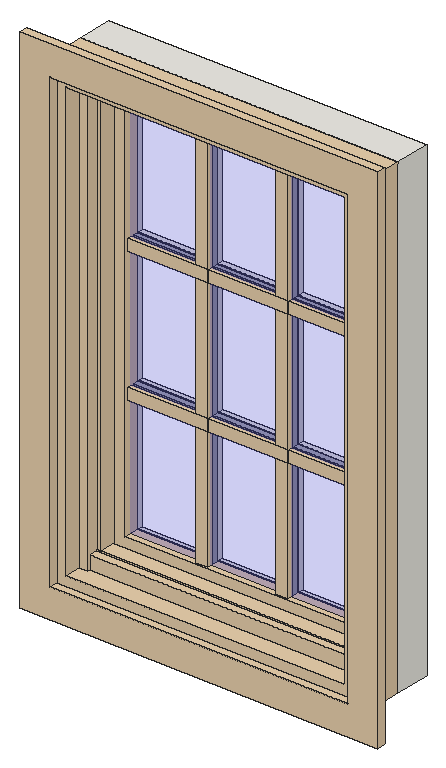
Revit family "Window-Venting_Transom-Andersen-A_Series 2", category Windows, host Wall, Revit 2013 (continued)
Dimensions and locks (in)
  aligned and locked: plane 11 "L Xjamb 1" to Extrusion 3 sketch curve
  aligned and locked: plane 13 "L Xjamb 2" to Extrusion 3 sketch curve
  aligned and locked: Extrusion 3 sketch curve to plane 56 "B Xjamb 1"
  aligned and locked: Extrusion 3 sketch curve to plane 41 "B Xjamb 2"
  aligned and locked: plane 31 "T Xjamb 1" to Extrusion 4 sketch curve
  aligned and locked: plane 38 "T Int Casing" to Extrusion 4 sketch curve
  aligned and locked: Extrusion 4 sketch curve to plane 21 "R Xjamb 1"
  aligned and locked: Extrusion 4 sketch curve to plane 28 "R Int Casing"
  aligned and locked: plane 11 "L Xjamb 1" to Extrusion 4 sketch curve
  aligned and locked: plane 45 "L Int Casing" to Extrusion 4 sketch curve
  aligned and locked: Extrusion 4 sketch curve to plane 56 "B Xjamb 1"
  aligned and locked: Extrusion 4 sketch curve to plane 44 "B Int Casing"
  aligned and locked: Extrusion 4 to host wall
  aligned and locked: Extrusion 4 to plane 58 "Interior Casing"
  aligned and locked: plane 43 "B Casing 2" to Extrusion 5 sketch curve
  aligned and locked: plane 43 "B Casing 2" to Sweep 6 sketch curve  (x2)
  aligned and locked: plane 17 "L Casing 4" to Sweep 6 sketch curve  (x2)
  aligned and locked: Sweep 6 sketch curve to plane 27 "R Casing 4"
  aligned and locked: plane 37 "T Casing 4" to Sweep 6 sketch curve
  aligned and locked: plane 16 "L Casing 3" to Sweep 6 sketch curve
  aligned and locked: plane 47 "Casing S2" to Sweep 6 sketch curve
  aligned and locked: Sweep 6 sketch curve to plane 46 "Casing S1"
  aligned and locked: plane 49 "Flange" to Sweep 6 sketch curve
  aligned and locked: Sweep 6 sketch curve to plane 12 "L Casing 1"
  aligned and locked: Sweep 6 sketch curve to plane 47 "Casing S2"
  aligned and locked: plane 15 "L Casing 2" to Sweep 6 sketch curve
  aligned and locked: Extrusion 5 to plane 17 "L Casing 4"
  aligned and locked: plane 27 "R Casing 4" to Extrusion 5
  aligned and locked: plane 32 "T Casing 1" to Extrusion 7 sketch curve
  aligned and locked: plane 37 "T Casing 4" to Extrusion 7 sketch curve
  aligned and locked: plane 12 "L Casing 1" to Extrusion 7 sketch curve
  aligned and locked: plane 17 "L Casing 4" to Extrusion 7 sketch curve
  aligned and locked: Extrusion 7 sketch curve to plane 22 "R Casing 1"
  aligned and locked: Extrusion 7 sketch curve to plane 27 "R Casing 4"
  aligned and locked: Extrusion 7 sketch curve to plane 43 "B Casing 2"
  aligned and locked: plane 46 "Casing S1" to Extrusion 7
  aligned and locked: plane 49 "Flange" to Extrusion 7
  aligned and locked: plane 8 "L Glazing" to Extrusion 8 sketch curve
  aligned and locked: Extrusion 8 sketch curve to plane 18 "R Glazing"
  aligned and locked: plane 29 "T Glazing" to Extrusion 8 sketch curve
  aligned and locked: plane 50 "Glass1 S1" to Extrusion 8
  aligned and locked: Extrusion 8 to plane 54 "Sash1 S2"
  aligned and locked: Extrusion 9 sketch curve to plane 8 "L Glazing"
  aligned and locked: Extrusion 9 sketch curve to plane 29 "T Glazing"
  aligned and locked: plane 18 "R Glazing" to Extrusion 9 sketch curve
  aligned and locked: Extrusion 9 to plane 50 "Glass1 S1"
  aligned and locked: plane 29 "T Glazing" to Extrusion 10 sketch curve
  aligned and locked: plane 8 "L Glazing" to Extrusion 10 sketch curve
  aligned and locked: Extrusion 10 sketch curve to plane 18 "R Glazing"
  aligned and locked: plane 50 "Glass1 S1" to Extrusion 10
  aligned and locked: Extrusion 10 to plane 53 "Glass1 S4"
  aligned and locked: nested 1 to plane 29 "T Glazing"
  aligned and locked: nested 1 to plane 3 "Center (Left/Right)"
  aligned and locked: plane 8 "L Glazing" to nested 2
  aligned and locked: nested 3 to plane 29 "T Glazing"
  aligned and locked: plane 8 "L Glazing" to nested 4
  aligned and locked: nested 5 to plane 29 "T Glazing"
  aligned and locked: plane 8 "L Glazing" to nested 6
  aligned and locked: plane 8 "L Glazing" to nested 7
  aligned and locked: Extrusion 5 sketch curve to plane 49 "Flange"
  aligned and locked: host wall to Masking region 11 sketch curve
  aligned and locked: plane 4 "R Frame" to Masking region 11 sketch curve
  aligned and locked: Masking region 11 sketch curve to plane 5 "L Frame"
  aligned and locked: plane 57 "Exterior Offset" to Masking region 11 sketch curve
  aligned and locked: plane 27 "R Casing 4" to Masking region 11 sketch curve
  aligned and locked: Masking region 11 sketch curve to plane 17 "L Casing 4"
  aligned and locked: plane 39 "B Glazing" to Extrusion 8 sketch curve
  aligned and locked: curve 11 to plane 66 "Sash1 S1"
  aligned and locked: plane 66 "Sash1 S1" to curve 15
  aligned and locked: plane 66 "Sash1 S1" to Extrusion 9
  aligned and locked: host wall to curve 19
  aligned and locked: plane 7 "T Frame" to Extrusion 11 sketch curve
  aligned and locked: Extrusion 11 sketch curve to plane 4 "R Frame"
  aligned and locked: Extrusion 11 sketch curve to plane 6 "B Frame"
  aligned and locked: plane 5 "L Frame" to Extrusion 11 sketch curve
  aligned and locked: plane 30 "T Ext Frame" to Extrusion 11 sketch curve
  aligned and locked: Extrusion 11 sketch curve to plane 19 "R Ext Frame"
  aligned and locked: plane 9 "L Ext Frame" to Extrusion 11 sketch curve
  aligned and locked: Extrusion 11 sketch curve to plane 40 "B Ext Frame"
  aligned and locked: plane 48 "Frame S1" to Extrusion 11
  aligned and locked: Extrusion 10 sketch curve to plane 39 "B Glazing"
  aligned and locked: plane 39 "B Glazing" to curve 28
  aligned and locked: plane 39 "B Glazing" to curve 27
  aligned and locked: plane 39 "B Glazing" to curve 29
  aligned and locked: plane 39 "B Glazing" to curve 26
  aligned and locked: plane 39 "B Glazing" to Extrusion 9 sketch curve
  aligned and locked: plane 68 "L Sash" to curve 18
  aligned and locked: plane 54 "Sash1 S2" to curve 18
  aligned and locked: plane 54 "Sash1 S2" to curve 14
  aligned and locked: plane 55 "Frame S2" to Masking region 1 sketch curve
  aligned and locked: plane 55 "Frame S2" to Masking region 4 sketch curve
  aligned and locked: plane 71 "T Sash" to Extrusion 9 sketch curve
  aligned and locked: plane 68 "L Sash" to Extrusion 9 sketch curve
  aligned and locked: Extrusion 9 sketch curve to plane 67 "R Sash"
  aligned and locked: plane 70 "B Sash" to Extrusion 9 sketch curve
  aligned and locked: Extrusion 8 sketch curve to plane 71 "T Sash"
  aligned and locked: Extrusion 8 sketch curve to plane 68 "L Sash"
  aligned and locked: plane 67 "R Sash" to Extrusion 8 sketch curve
  aligned and locked: plane 70 "B Sash" to Extrusion 8 sketch curve
  aligned and locked: Extrusion 11 to plane 54 "Sash1 S2"
  aligned and locked: plane 72 "T Int Frame" to Extrusion 12 sketch curve
  aligned and locked: plane 74 "L Int Frame" to Extrusion 12 sketch curve
  aligned and locked: Extrusion 12 sketch curve to plane 75 "R Int Frame"
  aligned and locked: Extrusion 12 sketch curve to plane 73 "B Int Frame"
  aligned and locked: Extrusion 12 sketch curve to plane 6 "B Frame"
  aligned and locked: Extrusion 12 sketch curve to plane 4 "R Frame"
  aligned and locked: plane 7 "T Frame" to Extrusion 12 sketch curve
  aligned and locked: plane 5 "L Frame" to Extrusion 12 sketch curve
  aligned and locked: plane 54 "Sash1 S2" to Extrusion 12
  aligned and locked: Extrusion 12 to plane 55 "Frame S2"
  aligned and locked: plane 75 "R Int Frame" to Extrusion 13
  aligned and locked: Extrusion 13 to plane 74 "L Int Frame"
  aligned and locked: Extrusion 14 sketch curve to plane 54 "Sash1 S2"
  aligned and locked: plane 20 "R Stop" to Extrusion 14 sketch curve
  aligned and locked: plane 10 "L Stop" to Extrusion 14 sketch curve
  aligned and locked: Extrusion 14 sketch curve to plane 69 "Stop S1"
  aligned and locked: plane 73 "B Int Frame" to Extrusion 14
  aligned and locked: Extrusion 14 to plane 72 "T Int Frame"
  aligned and locked: plane 65 "Xjamb S1" to Extrusion 3
  aligned and locked: host wall to Extrusion 3
  aligned and locked: plane 54 "Sash1 S2" to Extrusion 13 sketch curve
  aligned and locked: plane 76 "T Stop" to curve 38
  aligned and locked: plane 10 "L Stop" to curve 41
  aligned and locked: curve 39 to plane 20 "R Stop"
  aligned and locked: plane 72 "T Int Frame" to curve 50
  aligned and locked: curve 51 to plane 75 "R Int Frame"
  aligned and locked: plane 74 "L Int Frame" to curve 53
  aligned and locked: curve 52 to plane 73 "B Int Frame"
  aligned and locked: curve 32 to plane 70 "B Sash"
  aligned and locked: plane 68 "L Sash" to curve 31
  aligned and locked: plane 71 "T Sash" to curve 30
  aligned and locked: curve 33 to plane 67 "R Sash"
  aligned and locked: plane 4 "R Frame" to curve 56
  aligned and locked: plane 5 "L Frame" to curve 56
  aligned and locked: host wall to curve 56
  aligned and locked: Masking region 12 sketch curve to plane 33 "T Xjamb 2"
  aligned and locked: plane 65 "Xjamb S1" to Masking region 12 sketch curve
  aligned and locked: plane 41 "B Xjamb 2" to Masking region 12 sketch curve
  aligned and locked: host wall to Masking region 12 sketch curve
  aligned and locked: host wall to Masking region 13 sketch curve
  aligned and locked: Masking region 13 sketch curve to plane 44 "B Int Casing"
  aligned and locked: plane 58 "Interior Casing" to Masking region 13 sketch curve
  aligned and locked: plane 38 "T Int Casing" to Masking region 13 sketch curve
  aligned and locked: plane 65 "Xjamb S1" to curve 60
  aligned and locked: plane 73 "B Int Frame" to curve 60
  aligned and locked: plane 65 "Xjamb S1" to curve 61
  aligned and locked: host wall to curve 61
  aligned and locked: plane 56 "B Xjamb 1" to curve 61
  aligned and locked: plane 58 "Interior Casing" to curve 62
  aligned and locked: plane 56 "B Xjamb 1" to curve 62
  aligned and locked: plane 65 "Xjamb S1" to curve 57
  aligned and locked: plane 72 "T Int Frame" to curve 57
  aligned and locked: plane 65 "Xjamb S1" to curve 58
  aligned and locked: host wall to curve 58
  aligned and locked: plane 31 "T Xjamb 1" to curve 58
  aligned and locked: plane 58 "Interior Casing" to curve 59
  aligned and locked: plane 31 "T Xjamb 1" to curve 59
  aligned and locked: Masking region 14 sketch curve to plane 65 "Xjamb S1"
  aligned and locked: plane 13 "L Xjamb 2" to Masking region 14 sketch curve
  aligned and locked: Masking region 14 sketch curve to host wall
  aligned and locked: Masking region 14 sketch curve to plane 23 "R Xjamb 2"
  aligned and locked: host wall to Masking region 15 sketch curve
  aligned and locked: plane 45 "L Int Casing" to Masking region 15 sketch curve
  aligned and locked: plane 58 "Interior Casing" to Masking region 15 sketch curve
  aligned and locked: Masking region 15 sketch curve to plane 28 "R Int Casing"
  aligned and locked: plane 65 "Xjamb S1" to curve 65
  aligned and locked: host wall to curve 65
  aligned and locked: plane 11 "L Xjamb 1" to curve 65
  aligned and locked: plane 58 "Interior Casing" to curve 66
  aligned and locked: plane 11 "L Xjamb 1" to curve 66
  aligned and locked: plane 65 "Xjamb S1" to curve 63
  aligned and locked: host wall to curve 63
  aligned and locked: plane 21 "R Xjamb 1" to curve 63
  aligned and locked: plane 58 "Interior Casing" to curve 64
  aligned and locked: plane 21 "R Xjamb 1" to curve 64
  aligned and locked: curve 40 to plane 59 "Vertical Bar Length"
  aligned and locked: Extrusion 15 sketch curve to plane 72 "T Int Frame"
  aligned and locked: Extrusion 15 sketch curve to plane 69 "Stop S1"
  aligned and locked: Extrusion 15 to plane 74 "L Int Frame"
  aligned and locked: plane 75 "R Int Frame" to Extrusion 15
  aligned and locked: plane 6 "B Frame" to curve 49
  aligned and locked: plane 49 "Flange" to curve 49
  aligned and locked: plane 7 "T Frame" to curve 48
  aligned and locked: plane 49 "Flange" to curve 48
  aligned and locked: plane 25 "R Casing 2" to curve 5
  aligned and locked: plane 47 "Casing S2" to curve 4
  aligned and locked: plane 26 "R Casing 3" to curve 4
  aligned and locked: plane 46 "Casing S1" to curve 4
  aligned and locked: plane 15 "L Casing 2" to curve 2
  aligned and locked: plane 35 "T Casing 2" to curve 24
  aligned and locked: plane 36 "T Casing 3" to curve 23
  aligned and locked: plane 46 "Casing S1" to curve 23
  aligned and locked: Extrusion 5 sketch curve to plane 6 "B Frame"
  aligned and locked: Masking region 6 sketch curve to cut or joined group of Extrusion 5, Sweep 6
  aligned and locked: Extrusion 7 sketch curve to plane 6 "B Frame"
  aligned and locked: plane 46 "Casing S1" to curve 42
  aligned and locked: plane 46 "Casing S1" to curve 43
  aligned and locked: plane 55 "Frame S2" to curve 68
  aligned and locked: plane 55 "Frame S2" to curve 67
  aligned and locked: plane 5 "L Frame" to curve 68
  aligned and locked: plane 4 "R Frame" to curve 67
  aligned and locked: plane 49 "Flange" to curve 69
  aligned and locked: plane 37 "T Casing 4" to curve 69
  aligned and locked: plane 46 "Casing S1" to curve 70
  aligned and locked: plane 49 "Flange" to curve 70
  aligned and locked: plane 43 "B Casing 2" to curve 70
  aligned and locked: plane 49 "Flange" to curve 67
  aligned and locked: plane 49 "Flange" to curve 68
  aligned and locked: plane 49 "Flange" to curve 99
  aligned and locked: plane 4 "R Frame" to curve 99
  aligned and locked: curve 153 to plane 49 "Flange"
  aligned and locked: plane 5 "L Frame" to curve 153
  aligned and locked: plane 69 "Stop S1" to curve 155
  aligned and locked: plane 75 "R Int Frame" to curve 154
  aligned and locked: plane 74 "L Int Frame" to curve 157
  aligned and locked: curve 156 to plane 69 "Stop S1"
  aligned and locked: plane 71 "T Sash" to curve 54
  aligned and locked: plane 3 "Center (Left/Right)" to curve 55
  aligned and locked: plane 68 "L Sash" to curve 54
  aligned and locked: plane 70 "B Sash" to curve 54
  aligned and locked: plane 67 "R Sash" to curve 55
  aligned and locked: plane 70 "B Sash" to curve 55
  aligned and locked: plane 55 "Frame S2" to curve 154
  aligned and locked: plane 16 "L Casing 3" to curve 1
  aligned and locked: plane 46 "Casing S1" to curve 1
  aligned and locked: plane 55 "Frame S2" to curve 157
Automatic sketch dimensions
  curve 42 to curve 42 = 0' - 0 3/16"
  curve 13 to curve 13 = 0' - 2.3296"
  curve 76 to curve 75 = 0' - 0.335"
  curve 75 to curve 74 = 0' - 0.047"
  curve 77 to curve 92 = 0' - 0.46646"
  curve 91 to curve 88 = 0' - 0.01154"
  curve 88 to curve 87 = 0' - 0 1/2"
  curve 87 to curve 93 = 0' - 0.1325"
  curve 74 to curve 82 = 0' - 0.765"
  curve 80 to curve 82 = 0' - 0.12649"
  curve 82 to curve 84 = 0' - 0.31851"
  curve 85 to curve 95 = 0' - 1.19371"
  curve 95 to curve 97 = 0' - 0.80629"
  curve 97 to curve 270 = 0' - 1.05756"
  curve 91 to curve 77 = 0' - 1.0695"
  curve 99 to curve 91 = 0' - 0.22314"
  curve 74 to curve 73 = 0' - 0.122"
  curve 79 to curve 80 = 0' - 0.122"
  curve 98 to curve 270 = 0' - 0 5/32"
  curve 91 to curve 90 = 0' - 0.1829"
  curve 91 to curve 90 = 0' - 0.26718"
  curve 92 to curve 88 = 0' - 0 7/16"
  curve 87 to curve 98 = 0' - 0.1945"
  curve 87 to curve 94 = 0' - 0.3285"
  curve 93 to curve 86 = 0' - 0.1845"
  curve 97 to curve 97 = 0' - 0.68"
  curve 95 to curve 95 = 0' - 0.36"
  curve 86 to curve 78 = 0' - 1.081"
  curve 78 to curve 83 = 0' - 0.16349"
  curve 74 to curve 76 = 0' - 0.28859"
  curve 78 to curve 80 = 0' - 0.482"
  curve 76 to curve 75 = 0' - 0.19341"
  curve 99 to curve 91 = 0' - 2.425"
  curve 99 to curve 91 = 0' - 0.8"
  curve 91 to curve 77 = 0' - 0.3579"
  curve 270 to curve 98 = 0' - 0 5/32"
  curve 79 to curve 74 = 0' - 0.152"
  curve 81 to curve 80 = 0' - 0.001"
  curve 73 to curve 74 = 0' - 0.001"
  curve 103 to curve 102 = 0' - 0.335"
  curve 102 to curve 101 = 0' - 0.047"
  curve 104 to curve 119 = 0' - 0.46646"
  curve 118 to curve 115 = 0' - 0.01154"
  curve 115 to curve 114 = 0' - 0 1/2"
  curve 114 to curve 120 = 0' - 0.1325"
  curve 101 to curve 109 = 0' - 0.765"
  curve 107 to curve 109 = 0' - 0.12649"
  curve 109 to curve 111 = 0' - 0.31851"
  curve 112 to curve 122 = 0' - 1.19371"
  curve 122 to curve 124 = 0' - 0.80629"
  curve 124 to curve 271 = 0' - 1.05756"
  curve 118 to curve 104 = 0' - 1.0695"
  curve 126 to curve 118 = 0' - 0.22314"
  curve 101 to curve 100 = 0' - 0.122"
  curve 106 to curve 107 = 0' - 0.122"
  curve 125 to curve 271 = 0' - 0 5/32"
  curve 118 to curve 117 = 0' - 0.1829"
  curve 118 to curve 117 = 0' - 0.26718"
  curve 119 to curve 115 = 0' - 0 7/16"
  curve 114 to curve 125 = 0' - 0.1945"
  curve 114 to curve 121 = 0' - 0.3285"
  curve 120 to curve 113 = 0' - 0.1845"
  curve 124 to curve 124 = 0' - 0.68"
  curve 122 to curve 122 = 0' - 0.36"
  curve 113 to curve 105 = 0' - 1.081"
  curve 105 to curve 110 = 0' - 0.16349"
  curve 101 to curve 103 = 0' - 0.28859"
  curve 105 to curve 107 = 0' - 0.482"
  curve 103 to curve 102 = 0' - 0.19341"
  curve 126 to curve 118 = 0' - 2.425"
  curve 126 to curve 118 = 0' - 0.8"
  curve 118 to curve 104 = 0' - 0.3579"
  curve 271 to curve 125 = 0' - 0 5/32"
  curve 106 to curve 101 = 0' - 0.152"
  curve 108 to curve 107 = 0' - 0.001"
  curve 100 to curve 101 = 0' - 0.001"
  curve 129 to curve 130 = 0' - 0.335"
  curve 128 to curve 129 = 0' - 0.047"
  curve 146 to curve 131 = 0' - 0.46646"
  curve 142 to curve 145 = 0' - 0.01154"
  curve 141 to curve 142 = 0' - 0 1/2"
  curve 147 to curve 141 = 0' - 0.1325"
  curve 136 to curve 128 = 0' - 0.765"
  curve 136 to curve 134 = 0' - 0.12649"
  curve 138 to curve 136 = 0' - 0.31851"
  curve 149 to curve 139 = 0' - 1.19371"
  curve 151 to curve 149 = 0' - 0.80629"
  curve 272 to curve 151 = 0' - 1.05756"
  curve 131 to curve 145 = 0' - 1.0695"
  curve 145 to curve 153 = 0' - 0.22314"
  curve 127 to curve 128 = 0' - 0.122"
  curve 134 to curve 133 = 0' - 0.122"
  curve 272 to curve 152 = 0' - 0 5/32"  (x2)
  curve 145 to curve 144 = 0' - 0.1829"
  curve 145 to curve 144 = 0' - 0.26718"
  curve 146 to curve 142 = 0' - 0 7/16"
  curve 141 to curve 152 = 0' - 0.1945"
  curve 141 to curve 148 = 0' - 0.3285"
  curve 147 to curve 140 = 0' - 0.1845"
  curve 151 to curve 151 = 0' - 0.68"
  curve 149 to curve 149 = 0' - 0.36"
  curve 140 to curve 132 = 0' - 1.081"
  curve 132 to curve 137 = 0' - 0.16349"
  curve 128 to curve 130 = 0' - 0.28859"
  curve 132 to curve 134 = 0' - 0.482"
  curve 130 to curve 129 = 0' - 0.19341"
  curve 153 to curve 145 = 0' - 2.425"
  curve 153 to curve 145 = 0' - 0.8"
  curve 145 to curve 131 = 0' - 0.3579"
  curve 133 to curve 128 = 0' - 0.152"
  curve 135 to curve 134 = 0' - 0.001"
  curve 127 to curve 128 = 0' - 0.001"
  curve 69 to plane 46 "Casing S1" = 0' - 0"
  curve 60 to plane 69 "Stop S1" = 0' - 0.5885"
  curve 57 to plane 69 "Stop S1" = 0' - 0.5885"
  plane 73 "B Int Frame" to Extrusion 13 sketch curve = 0' - 0"
  curve 166 to curve 164 = 0' - 1.05756"
  curve 164 to curve 164 = 0' - 0.80629"
  curve 162 to curve 178 = 0' - 1.19371"
  curve 178 to curve 178 = 0' - 0.31851"
  curve 177 to curve 177 = 0' - 0.12649"
  curve 161 to curve 160 = 0' - 0.4815"
  curve 160 to curve 180 = 0' - 0.1325"
  curve 181 to curve 183 = 0' - 0 1/2"
  curve 167 to curve 158 = 0' - 0.01154"
  curve 176 to curve 173 = 0' - 0.765"
  curve 170 to curve 173 = 0' - 0.047"
  curve 169 to curve 168 = 0' - 0.335"
  curve 275 to curve 166 = 0' - 0 5/32"
  curve 175 to curve 174 = 0' - 0.122"
  curve 171 to curve 170 = 0' - 0.122"
  curve 158 to curve 48 = 0' - 0.22314"
  curve 167 to curve 158 = 0' - 1.0695"
  curve 176 to curve 169 = 0' - 0"
  curve 169 to curve 169 = 0' - 0.19341"
  curve 177 to curve 179 = 0' - 0.31851"
  curve 178 to curve 175 = 0' - 0.16349"
  curve 178 to curve 163 = 0' - 0.52299"
  curve 162 to curve 164 = 0' - 0.36"
  curve 162 to curve 181 = 0' - 0.7215"
  curve 180 to curve 160 = 0' - 0.1845"
  curve 164 to curve 275 = 0' - 0.68"
  curve 160 to curve 182 = 0' - 0.3285"
  curve 182 to curve 183 = 0' - 0.17032"
  curve 167 to curve 167 = 0' - 0.08428"
  curve 181 to curve 159 = 0' - 0 7/16"
  curve 176 to curve 174 = 0' - 0"
  curve 171 to curve 170 = 0' - 0"
  curve 174 to curve 172 = 0' - 0.152"
  curve 166 to curve 275 = 0' - 0 5/32"
  curve 167 to curve 158 = 0' - 0.3579"
  curve 158 to curve 48 = 0' - 0.8"
  curve 48 to curve 48 = 0' - 1 5/8"
  curve 192 to curve 190 = 0' - 1.05756"
  curve 190 to curve 190 = 0' - 0.80629"
  curve 188 to curve 204 = 0' - 1.19371"
  curve 204 to curve 204 = 0' - 0.31851"
  curve 203 to curve 203 = 0' - 0.12649"
  curve 187 to curve 186 = 0' - 0.4815"
  curve 186 to curve 206 = 0' - 0.1325"
  curve 207 to curve 209 = 0' - 0 1/2"
  curve 193 to curve 184 = 0' - 0.01154"
  curve 202 to curve 199 = 0' - 0.765"
  curve 196 to curve 199 = 0' - 0.047"
  curve 195 to curve 194 = 0' - 0.335"
  curve 276 to curve 192 = 0' - 0 5/32"
  curve 201 to curve 200 = 0' - 0.122"
  curve 197 to curve 196 = 0' - 0.122"
  curve 184 to curve 72 = 0' - 0.22314"
  curve 193 to curve 184 = 0' - 1.0695"
  curve 202 to curve 195 = 0' - 0"
  curve 195 to curve 195 = 0' - 0.19341"
  curve 203 to curve 205 = 0' - 0.31851"
  curve 204 to curve 201 = 0' - 0.16349"
  curve 204 to curve 189 = 0' - 0.52299"
  curve 188 to curve 190 = 0' - 0.36"
  curve 188 to curve 207 = 0' - 0.7215"
  curve 206 to curve 186 = 0' - 0.1845"
  curve 190 to curve 276 = 0' - 0.68"
  curve 186 to curve 208 = 0' - 0.3285"
  curve 208 to curve 209 = 0' - 0.17032"
  curve 193 to curve 193 = 0' - 0.08428"
  curve 207 to curve 185 = 0' - 0 7/16"
  curve 202 to curve 200 = 0' - 0"
  curve 197 to curve 196 = 0' - 0"
  curve 200 to curve 198 = 0' - 0.152"
  curve 192 to curve 276 = 0' - 0 5/32"
  curve 193 to curve 184 = 0' - 0.3579"
  curve 184 to curve 72 = 0' - 0.8"
  curve 72 to curve 72 = 0' - 1 5/8"
  curve 6 to plane 22 "R Casing 1" = 0' - 0"
  curve 14 to plane 67 "R Sash" = 0' - 0"
  curve 6 to plane 48 "Frame S1" = 0' - 0"
  curve 14 to plane 48 "Frame S1" = 0' - 0"
  curve 43 to plane 48 "Frame S1" = 0' - 0"
  curve 42 to plane 4 "R Frame" = 0' - 0"
  curve 42 to plane 48 "Frame S1" = 0' - 0"
  host wall to curve 20 = 0' - 0"
  curve 21 to plane 20 "R Stop" = 0' - 0"
  curve 20 to plane 10 "L Stop" = 0' - 0"
  curve 218 to curve 223 = 0' - 1.25756"
  curve 223 to curve 224 = 0' - 0.6"
  curve 224 to curve 225 = 0' - 0.00349"
  curve 224 to curve 229 = 0' - 0.009"
  curve 224 to curve 229 = 0' - 0.76957"
  curve 228 to curve 231 = 0' - 0.43043"
  curve 227 to curve 231 = 0' - 0.31218"
  curve 227 to curve 239 = 0' - 0.445"
  curve 227 to curve 219 = 0' - 0.4815"
  curve 218 to curve 215 = 0' - 0.1325"
  curve 215 to curve 214 = 0' - 0 1/2"
  curve 213 to curve 221 = 0' - 0.01154"
  curve 232 to curve 234 = 0' - 0.765"
  curve 233 to curve 210 = 0' - 0.047"
  curve 213 to curve 213 = 0' - 0.16834"
  curve 212 to curve 212 = 0' - 0.30966"
  curve 273 to curve 218 = 0' - 0 5/32"  (x2)
  curve 235 to curve 238 = 0' - 0.122"
  curve 237 to curve 233 = 0' - 0.122"
  curve 220 to curve 49 = 0' - 0.22314"
  curve 222 to curve 49 = 0' - 0"  (x2)
  curve 211 to curve 221 = 0' - 1.0695"
  curve 220 to curve 211 = 0' - 0.1819"
  curve 220 to curve 212 = 0' - 0.2365"
  curve 213 to curve 214 = 0' - 0.2"
  curve 215 to curve 219 = 0' - 0.201"
  curve 218 to curve 216 = 0' - 0.389"
  curve 217 to curve 230 = 0' - 0.30021"
  curve 229 to curve 228 = 0' - 0.20379"
  curve 229 to curve 225 = 0' - 0.36679"
  curve 224 to curve 225 = 0' - 0.1"
  curve 226 to curve 235 = 0' - 0.225"
  curve 235 to curve 227 = 0' - 0.194"
  curve 233 to curve 211 = 0' - 0.30059"
  curve 210 to curve 234 = 0' - 0.19341"
  curve 235 to curve 232 = 0' - 0.494"
  curve 222 to curve 220 = 0' - 2.425"
  curve 49 to curve 222 = 0' - 0"
  curve 49 to curve 220 = 0' - 0.8"
  curve 221 to curve 211 = 0' - 0.3569"
  curve 237 to curve 232 = 0' - 0.164"
  curve 232 to curve 238 = 0' - 0"
  curve 236 to curve 233 = 0' - 0"
  curve 248 to curve 253 = 0' - 1.25756"
  curve 253 to curve 254 = 0' - 0.6"
  curve 254 to curve 255 = 0' - 0.00349"
  curve 254 to curve 259 = 0' - 0.009"
  curve 254 to curve 259 = 0' - 0.76957"
  curve 258 to curve 261 = 0' - 0.43043"
  curve 257 to curve 261 = 0' - 0.31218"
  curve 257 to curve 269 = 0' - 0.445"
  curve 257 to curve 249 = 0' - 0.4815"
  curve 248 to curve 245 = 0' - 0.1325"
  curve 245 to curve 244 = 0' - 0 1/2"
  curve 243 to curve 251 = 0' - 0.01154"
  curve 262 to curve 264 = 0' - 0.765"
  curve 263 to curve 240 = 0' - 0.047"
  curve 243 to curve 243 = 0' - 0.16834"
  curve 242 to curve 242 = 0' - 0.30966"
  curve 274 to curve 248 = 0' - 0 5/32"  (x2)
  curve 265 to curve 268 = 0' - 0.122"
  curve 267 to curve 263 = 0' - 0.122"
  curve 250 to curve 71 = 0' - 0.22314"
  curve 252 to curve 71 = 0' - 0"  (x2)
  curve 241 to curve 251 = 0' - 1.0695"
  curve 250 to curve 241 = 0' - 0.1819"
  curve 250 to curve 242 = 0' - 0.2365"
  curve 243 to curve 244 = 0' - 0.2"
  curve 245 to curve 249 = 0' - 0.201"
  curve 248 to curve 246 = 0' - 0.389"
  curve 247 to curve 260 = 0' - 0.30021"
  curve 259 to curve 258 = 0' - 0.20379"
  curve 259 to curve 255 = 0' - 0.36679"
  curve 254 to curve 255 = 0' - 0.1"
  curve 256 to curve 265 = 0' - 0.225"
  curve 265 to curve 257 = 0' - 0.194"
  curve 263 to curve 241 = 0' - 0.30059"
  curve 240 to curve 264 = 0' - 0.19341"
  curve 265 to curve 262 = 0' - 0.494"
  curve 252 to curve 250 = 0' - 2.425"
  curve 71 to curve 252 = 0' - 0"
  curve 71 to curve 250 = 0' - 0.8"
  curve 251 to curve 241 = 0' - 0.3569"
  curve 267 to curve 262 = 0' - 0.164"
  curve 262 to curve 268 = 0' - 0"
  curve 266 to curve 263 = 0' - 0"
  curve 47 to plane 20 "R Stop" = 0' - 0"
  curve 45 to plane 10 "L Stop" = 0' - 0"
  curve 46 to plane 54 "Sash1 S2" = 0' - 0"
  curve 45 to plane 54 "Sash1 S2" = 0' - 0"
  curve 46 to plane 67 "R Sash" = 0' - 0"
  curve 44 to plane 68 "L Sash" = 0' - 0"
Nested families (in)
  nested 1: "Andersen Grille Bar" at (0, 0.42381, 65.4375) x (-1, 0, 0) z (0, 1, 0), Center Line <- "Bar Center Line", Bar Length <- "TS V Bar Length", Bar Width <- "Grille Bar Size", visible <- "TS S V", type "Andersen Grille Bar"
    with Glass / 2 0' - 0 1/8", Glass 0' - 0 5/8", Center Line Length 2' - 5 3/8", Center Line 2, Bar Width 0' - 0 7/8", Bar Length 2' - 5 3/8"
  nested 2: "Andersen Grille Bar" at (0, 0.42381, 65.4375) x (0, 0, -1) z (0, 1, 0), Bar Length <- "H DLO", visible <- "TS S H", Bar Width <- "Horizontal Craftsman Bar Size", type "Andersen Grille Bar"
    with Glass / 2 0' - 0 1/8", Glass 0' - 0 5/8", Center Line Length 1' - 5 3/8", Center Line 2, Bar Width 0' - 0 7/8", Bar Length 1' - 5 3/8"
  nested 3: "Andersen Grille Bar" at (3.04167, 0.42381, 65.4375) x (-1, 0, 0) z (0, 1, 0), Center Line <- "Bar Center Line", Bar Length <- "TS V Bar Length", Bar Width <- "Grille Bar Size", visible <- "TS M V", type "Andersen Grille Bar"
    with Glass / 2 0' - 0 1/8", Glass 0' - 0 5/8", Center Line Length 2' - 5 3/8", Center Line 2, Bar Width 0' - 0 7/8", Bar Length 2' - 5 3/8"
  nested 4: "Andersen Grille Bar" at (0, 0.42381, 60.39583) x (0, 0, -1) z (0, 1, 0), Center Line <- "Bar Center Line", Bar Length <- "H DLO", visible <- "TS M H", Bar Width <- "Grille Bar Size", type "Andersen Grille Bar"
    with Glass / 2 0' - 0 1/8", Glass 0' - 0 5/8", Center Line Length 1' - 5 3/8", Center Line 2, Bar Width 0' - 0 7/8", Bar Length 1' - 5 3/8"
  nested 5: "Andersen Grille Bar" at (-3.04167, 0.42381, 65.4375) x (-1, 0, 0) z (0, 1, 0), Center Line <- "Bar Center Line", Bar Length <- "TS V Bar Length", Bar Width <- "Grille Bar Size", visible <- "TS M V", type "Andersen Grille Bar"
    with Glass / 2 0' - 0 1/8", Glass 0' - 0 5/8", Center Line Length 2' - 5 3/8", Center Line 2, Bar Width 0' - 0 7/8", Bar Length 2' - 5 3/8"
  nested 6: "Andersen Grille Bar" at (0, 0.42381, 70.47917) x (0, 0, -1) z (0, 1, 0), Center Line <- "Bar Center Line", Bar Length <- "H DLO", visible <- "TS M H", Bar Width <- "Grille Bar Size", type "Andersen Grille Bar"
    with Glass / 2 0' - 0 1/8", Glass 0' - 0 5/8", Center Line Length 1' - 5 3/8", Center Line 2, Bar Width 0' - 0 7/8", Bar Length 1' - 5 3/8"
  nested 7: "Andersen Grille Bar" at (0, 0.42381, 65.4375) x (0, 0, -1) z (0, 1, 0), Bar Length <- "H DLO", visible <- "TS S H Craftsman", Bar Width <- "Grille Bar Size", type "Andersen Grille Bar"
    with Glass / 2 0' - 0 1/8", Glass 0' - 0 5/8", Center Line Length 1' - 5 3/8", Center Line 2, Bar Width 0' - 0 7/8", Bar Length 1' - 5 3/8"
Definition of nested family "Andersen Grille Bar"
  Parameters (values of type "Andersen Grille Bar")
    Interior Bar Visibility = yes
    Interior Bar Material = none
    Glass / 2 [instance] = (Glass / 2) - 0' 0 3/16"  # 0' - 0 1/8"
    Glass [instance] = 0' - 0 5/8"
    Exterior Bar Visibility = yes
    Exterior Bar Finish = none
    Default Elevation = 4' - 0"
    Center Line Length [instance] = if(Center Line = 1, Bar Length + (Bar Width / 2), Bar Length)  # 0' - 4 7/16"
    Center Line [instance] = 1
    Between Glass Bar Visibility = yes
    Between Glass Bar Finish = none
    Bar Width [instance] = 0' - 0 7/8"
    Bar Length [instance] = 0' - 4"
  Reference planes (in)
    plane 1 "Center (Front/Back)": y = 0
    plane 2 "a": z = 0
    plane 3 "Center (Left/Right)": x = 0
    plane 4 "1": x = -0.4375
    plane 5 "2": x = 0.4375
    plane 6: y = 2
    plane 7: y = -2
    plane 8 "b": z = -0.625
    plane 9: z = -0.125
    plane 10: y = -2.4375
    plane 11 "a1": z = 12
    plane 12 "a2": z = -12
  Forms (in)
    Extrusion 1, solid
      sketch origin (0, 0, 0) x (1, 0, 0) y (0, 1, 0)
        loop
          line (-48, 48) -> (-48, -48) -> (48, -48) -> (48, 48) -> (-48, 48)
      from 0 to -12
    Extrusion 2, solid, material <- "Exterior Bar Finish", visible <- "Exterior Bar Visibility", detail levels fine
      sketch origin (0, 0, 0) x (1, 0, 0) y (0, 1, 0)
        loop
          line (-0.4375, 2) -> (-0.4375, -2) -> (0.4375, -2) -> (0.4375, 2) -> (-0.4375, 2)
      from 0 to 0.375
    Extrusion 3, solid, material <- "Between Glass Bar Finish", visible <- "Between Glass Bar Visibility", detail levels fine
      sketch origin (0, 0, 0) x (1, 0, 0) y (0, 1, 0)
        loop
          line (-0.4375, 2) -> (-0.4375, -2) -> (0.4375, -2) -> (0.4375, 2) -> (-0.4375, 2)
      from -0.5 to -0.125
    Extrusion 4, solid, material <- "Interior Bar Material", visible <- "Interior Bar Visibility", detail levels fine
      sketch origin (0, 0, 0) x (1, 0, 0) y (0, 1, 0)
        loop
          line (-0.4375, 2) -> (-0.4375, -2) -> (0.4375, -2) -> (0.4375, 2) -> (-0.4375, 2)
      from -1 to -0.625
  Lines and regions (in)
    model lines, style "GenericModel", detail levels coarse+medium
      curve 1: line (0, 2, 0) -> (0, -2.4375, 0)
    symbolic lines, style "GenericModel", detail levels coarse+medium
      curve 2: line (0, 2, 12) -> (0, -2.4375, 12)
      curve 3: line (0, 2, -12) -> (0, -2.4375, -12)
    model lines, style "InvisibleLines", not visible, detail levels coarse
      curve 4: line (0, 0, 12) -> (0, 0, -12)
    symbolic lines, detail levels fine
      curve 5: line (-0.4375, 2, 0) -> (-0.4375, -2, 0)
      curve 6: line (0.4375, 2, 0) -> (0.4375, -2, 0)
  Dimensions and locks (in)
    "Glass": plane 2 "a" to plane 8 "b"
    "Glass / 2": plane 2 "a" to plane 9
    locked: Extrusion 2 to Extrusion 2 at 0.375
    locked: plane 9 to Extrusion 3 at 0.375
    locked: plane 8 "b" to Extrusion 4 at 0.375
    equal spacing: plane 4 "1", plane 3 "Center (Left/Right)", plane 5 "2"
    equal spacing: plane 6, plane 1 "Center (Front/Back)", plane 7
    "Bar Width": plane 4 "1" to plane 5 "2"
    "Bar Length": plane 6 to plane 7
    "Center Line Length": plane 6 to plane 10
    locked: plane 11 "a1" to plane 2 "a" at 12
    locked: plane 2 "a" to plane 12 "a2" at 12
    aligned and locked: plane 2 "a" to Extrusion 1
    aligned and locked: level to Extrusion 1
    aligned and locked: Extrusion 2 to plane 2 "a"
    aligned and locked: Extrusion 2 to plane 4 "1"
    aligned and locked: plane 5 "2" to Extrusion 2
    aligned and locked: plane 6 to Extrusion 2
    aligned and locked: Extrusion 2 to plane 7
    aligned and locked: plane 9 to Extrusion 3
    aligned and locked: Extrusion 3 to plane 4 "1"
    aligned and locked: plane 5 "2" to Extrusion 3
    aligned and locked: plane 6 to Extrusion 3
    aligned and locked: Extrusion 3 to plane 7
    aligned and locked: plane 8 "b" to Extrusion 4
    aligned and locked: Extrusion 4 to plane 4 "1"
    aligned and locked: plane 5 "2" to Extrusion 4
    aligned and locked: plane 6 to Extrusion 4
    aligned and locked: Extrusion 4 to plane 7
    aligned and locked: plane 6 to curve 1
    aligned and locked: plane 10 to curve 1
    aligned and locked: curve 1 to plane 3 "Center (Left/Right)"
    aligned and locked: plane 6 to curve 2
    aligned and locked: plane 10 to curve 2
    aligned and locked: curve 2 to plane 3 "Center (Left/Right)"
    aligned and locked: plane 6 to curve 3
    aligned and locked: plane 10 to curve 3
    aligned and locked: curve 3 to plane 3 "Center (Left/Right)"
    aligned and locked: plane 11 "a1" to curve 4
    aligned and locked: plane 12 "a2" to curve 4
    aligned and locked: curve 4 to plane 1 "Center (Front/Back)"
    aligned and locked: plane 6 to curve 5
    aligned and locked: plane 6 to curve 6
    aligned and locked: plane 7 to curve 6
    aligned and locked: plane 7 to curve 5
    aligned and locked: curve 5 to plane 4 "1"
    aligned and locked: curve 6 to plane 5 "2"
  Automatic sketch dimensions
    Extrusion 1 sketch curve to Extrusion 1 sketch curve = 8' - 0"  (x2)
    plane 7 to Extrusion 2 sketch curve = 0' - 0"
    Extrusion 2 sketch curve to plane 5 "2" = 0' - 0 7/8"
    Extrusion 2 sketch curve to plane 6 = 0' - 0"
    Extrusion 2 sketch curve to Extrusion 2 sketch curve = 0' - 0 7/8"
    plane 7 to Extrusion 3 sketch curve = 0' - 0"
    Extrusion 3 sketch curve to plane 5 "2" = 0' - 0 7/8"
    Extrusion 3 sketch curve to plane 6 = 0' - 0"
    Extrusion 3 sketch curve to Extrusion 3 sketch curve = 0' - 0 7/8"
    Extrusion 4 sketch curve to plane 7 = 0' - 0"
    Extrusion 4 sketch curve to plane 5 "2" = 0' - 0 7/8"
    Extrusion 4 sketch curve to plane 6 = 0' - 0"
    Extrusion 4 sketch curve to Extrusion 4 sketch curve = 0' - 0 7/8"
Types (4): name | LWide | Fractional Lights Wide | Fractional Lights High | . . Lights Wide | . . Lights High | VGB DLO | V Bars | TS V DLO | TS V Bar Length | TS SH DLO | TS S V | TS M V | TS M H | TS HGB DLO | Rough Width | Rough Height | Masonry Width | Masonry Height | Height | H DLO | Designation | Default Sill Height | Width
  71-1/4" x 35-1/4" | 3 | 7 | 3 | 3 | 3 | 0' - 5.20833" | 2 | 2' - 5 3/8" | 2' - 5 3/8" | 1' - 6" | no | yes | yes | 0' - 9.20833" | 2' - 0 3/4" | 3' - 0 3/4" | 2' - 0 3/4" | 3' - 0 3/4" | 3' - 0" | 1' - 5 3/8" | "ATV6030" | 3' - 9 3/4" | 2' - 0"
  67-1/4" x 19-1/4" | 7 | 7 | 1 | 7 | 1 | 0' - 7.91071" | 6 | 1' - 0 5/8" | 1' - 0 5/8" | 0' - 9 5/8" | no | yes | no | 0' - 4" | 5' - 8" | 1' - 8" | 5' - 8" | 1' - 8" | 1' - 7 1/4" | 5' - 0 5/8" | "ATV5818" | 5' - 2 1/2" | 5' - 7 1/4"
  35-1/4" x 35-1/4" | 3 | 3 | 3 | 3 | 3 | 0' - 8.95833" | 2 | 2' - 4 5/8" | 2' - 4 5/8" | 1' - 5 5/8" | no | yes | yes | 0' - 8.95833" | 3' - 0" | 3' - 0" | 3' - 0" | 3' - 0" | 2' - 11 1/4" | 2' - 4 5/8" | "ATV3030" | 3' - 10 1/2" | 2' - 11 1/4"
  19-1/4" x 15-1/4" | 2 | 2 | 1 | 2 | 1 | 0' - 3 5/8" | 2 | 0' - 8 5/8" | 0' - 8 5/8" | 0' - 7 5/8" | yes | no | no | 0' - 4" | 1' - 8" | 1' - 4" | 1' - 8" | 1' - 4" | 1' - 3 1/4" | 1' - 0 5/8" | "ATV1814" | 5' - 6 1/2" | 1' - 7 1/4"
